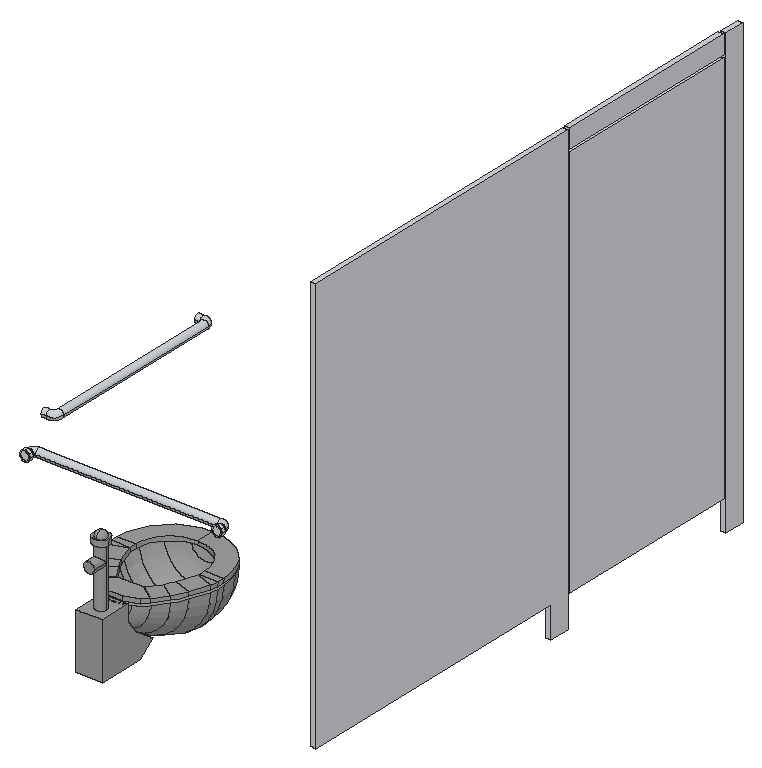
Revit family "PFX_A3-Commercial-HC-Toilet-stall-LEFT-3D", category Plumbing Fixtures, host Wall, Revit 2016
Family settings
  Host = Wall
  Part Type = Undefined
  Round Connector Dimension = Use Diameter
  Always vertical = Yes
  Cut with Voids When Loaded = No
  Shared = No
  Room Calculation Point = No
Parameters (values of type "Toilet Stall Left 15" Seat Height")
  Mounting Height = 1' - 3"
  Stall Length = 8' - 4"
  Stall Width = 5' - 0"
Types (2): name | Mounting Height
  Toilet Stall Left 15" Seat Height | 1' - 3"
  Toilet Stall Left 19" Seat Height | 1' - 7"
Reference planes (in)
  plane 1: y = 3
  plane 2: x = 15.94107
  plane 3: y = 3
  plane 4: y = 32
  plane 5: z = 13.5
  plane 6: y = 22
  plane 7: y = 12
  plane 8: z = 15
  plane 9: z = 25.5
  plane 10: y = 5.77698
  plane 11: x = -2.05893
  plane 12: x = 3.94107
  plane 13: y = 15
  plane 14: x = 57.94107
  plane 15: y = 103
  plane 16: y = 98.5
Forms (in)
  Extrusion 1, solid
    sketch origin (15.94107, 0, 0) x (0, -1, 0) y (0, 0, 1)
      loop
        line (-3, 13.5) -> (-9.0159, 13.5) -> (-9.0159, 10.60222) -> (-10.73663, 8.14477) -> (-14.83239, 5.27688) -> (-11.6632, 3) -> (-3, 3) -> (-3, 13.5)
    from -2.5 to 2.5
  Extrusion 2, solid
    sketch origin (13.44107, 3, 13.5) x (1, 0, 0) y (0, 1, 0)
      loop
        circle (2.5, 2.77698) r 1
    from 0 to 11
  Extrusion 3, solid
    sketch origin (0, 3, 0) x (1, 0, 0) y (0, 0, 1)
      loop
        circle (15.94107, 21.42564) r 1
    from 0 to -2.78125
  Extrusion 4, solid
    sketch origin (13.44107, 3, 24.5) x (1, 0, 0) y (0, 1, 0)
      loop
        circle (2.5, 2.77698) r 1.5
    from 0 to 1
  Revolve 5, solid
    sketch origin (15.94107, 0, 0) x (0, -1, 0) y (0, 0, 1)
      loop
        line (-6.78555, 25.5) -> (-5.77698, 25.5) -> (-5.77698, 26.50857)
        arc (-5.77698, 26.50857) -> (-6.49014, 26.21316) -> (-6.78555, 25.5) r 1.00857
      axis (-5.77698, 25.5) -> (-5.77698, 26.50857)
    angle from 0 to 360
  Revolve 6, solid
    sketch origin (0, 0, 13.5) x (1, 0, 0) y (0, 1, 0)
      loop
        line (15.94107, 32) -> (15.94107, 31)
        arc (15.94107, 31) -> (17.5039, 30.86327) -> (19.01925, 30.45723) r 9
        arc (19.01925, 30.45723) -> (20.77677, 29.59052) -> (22.30503, 28.36396) r 9
        arc (22.30503, 28.36396) -> (23.53159, 26.8357) -> (24.3983, 25.07818) r 9
        arc (24.3983, 25.07818) -> (24.80434, 23.56283) -> (24.94107, 22) r 9
        line (24.94107, 22) -> (24.94107, 20.70531)
        arc (24.94107, 20.70531) -> (24.89549, 20.18436) -> (24.76015, 19.67925) r 3
        line (24.76015, 19.67925) -> (23.48959, 16.18842)
        arc (23.48959, 16.18842) -> (22.91009, 14.87141) -> (22.16364, 13.6413) r 11
        line (22.16364, 13.6413) -> (20.67216, 11.51124)
        arc (20.67216, 11.51124) -> (19.68986, 10.52894) -> (18.43083, 9.94185) r 4
        line (18.43083, 9.94185) -> (15.94107, 9.27472) -> (15.94107, 8.23944) -> (19.04122, 9.07012)
        arc (19.04122, 9.07012) -> (20.30025, 9.65722) -> (21.28255, 10.63952) r 4
        line (21.28255, 10.63952) -> (23.05831, 13.17557)
        arc (23.05831, 13.17557) -> (23.80475, 14.40567) -> (24.38425, 15.72269) r 11
        line (24.38425, 15.72269) -> (25.69984, 19.33723)
        arc (25.69984, 19.33723) -> (25.8803, 20.01072) -> (25.94107, 20.70531) r 4
        line (25.94107, 20.70531) -> (25.94107, 22)
        arc (25.94107, 22) -> (25.78915, 23.73648) -> (25.338, 25.4202) r 10
        arc (25.338, 25.4202) -> (24.37498, 27.373) -> (23.01214, 29.07107) r 10
        arc (23.01214, 29.07107) -> (21.31407, 30.43391) -> (19.36127, 31.39693) r 10
        arc (19.36127, 31.39693) -> (17.67755, 31.84808) -> (15.94107, 32) r 10
      axis (15.94107, 8.23944) -> (15.94107, 32)
    angle from 0 to 180
  Sweep 7, solid
    path origin (0, 0, 13.5) x (1, 0, 0) y (0, 1, 0)
      loop
        line (21.28255, 10.63952) -> (23.05831, 13.17557)
        arc (23.05831, 13.17557) -> (23.80475, 14.40567) -> (24.38425, 15.72269) r 11
        line (24.38425, 15.72269) -> (25.69984, 19.33723)
        arc (25.69984, 19.33723) -> (25.8803, 20.01072) -> (25.94107, 20.70531) r 4
        line (25.94107, 20.70531) -> (25.94107, 22)
        arc (25.94107, 22) -> (23.01214, 29.07107) -> (15.94107, 32) r 10
        arc (15.94107, 32) -> (8.87, 29.07107) -> (5.94107, 22) r 10
        line (5.94107, 22) -> (5.94107, 20.70531)
        arc (5.94107, 20.70531) -> (6.00184, 20.01072) -> (6.1823, 19.33723) r 4
        line (6.1823, 19.33723) -> (7.49788, 15.72269)
        arc (7.49788, 15.72269) -> (8.07738, 14.40567) -> (8.82383, 13.17557) r 11
        line (8.82383, 13.17557) -> (10.59959, 10.63952)
    profile origin (0, 21.35265, 13.5) x (-1, 0, 0) y (0, 0, 1)
      loop
        line (-25.94107, 0.5) -> (-22.44107, 0.5) -> (-22.44107, 1.25) -> (-25.94107, 1.25) -> (-25.94107, 0.5)
  Extrusion 8, solid
    sketch origin (15.94107, 22, 14.75) x (1, 0, 0) y (0, 1, 0)
      loop
        line (-2.47445, -9.35296) -> (-5.34148, -11.36048) -> (-4.35918, -12.34278) -> (-1.7583, -13.28943) -> (1.7583, -13.28943) -> (4.35918, -12.34278) -> (5.34148, -11.36048) -> (2.47445, -9.35296) -> (-2.47445, -9.35296)
    from 0 to -0.75
  Sweep 9, solid
    path origin (0, 0, 0) x (1, 0, 0) y (0, 1, 0)
      loop
        line (3.94107, 3) -> (3.94107, 4)
        arc (3.94107, 4) -> (4.23396, 4.70711) -> (4.94107, 5) r 1
        line (4.94107, 5) -> (38.94107, 5)
        arc (38.94107, 5) -> (39.64818, 4.70711) -> (39.94107, 4) r 1
        line (39.94107, 4) -> (39.94107, 3)
    profile origin (0, 3.5, 0) x (-1, 0, 0) y (0, 0, 1)
      loop
        circle (-3.94107, 36) r 0.75
  Extrusion 10, solid
    sketch origin (-60, 3, 0) x (-1, 0, 0) y (0, 0, 1)
      loop
        circle (-63.94107, 36) r 1
      loop
        circle (-99.94803, 35.99601) r 1.00697
    from 0 to 0.5
  Sweep 11, solid
    path origin (0, 0, 0) x (1, 0, 0) y (0, 1, 0)
      loop
        line (-2.05893, 15) -> (-1.05893, 15)
        arc (-1.05893, 15) -> (-0.35182, 15.29289) -> (-0.05893, 16) r 1
        line (-0.05893, 16) -> (-0.05893, 50)
        arc (-0.05893, 50) -> (-0.35182, 50.70711) -> (-1.05893, 51) r 1
        line (-1.05893, 51) -> (-2.05893, 51)
    profile origin (-1.55893, 0, 0) x (0, 1, 0) y (0, 0, 1)
      loop
        circle (15.00279, 35.91837) r 0.75
  Extrusion 12, solid
    sketch origin (57.94107, 98.5, 80) x (0, 0, -1) y (0, -1, 0)
      loop
        line (80, -4.5) -> (80, -0.5) -> (-4, -0.5) -> (-4, -4.5) -> (80, -4.5)
      loop
        line (-4, 36.5) -> (80, 36.5) -> (80, 40.5) -> (74, 40.5) -> (74, 95.5) -> (-4, 95.5) -> (-4, 36.5)
      loop
        line (-4, 0) -> (-0.5, 0) -> (-0.5, 36) -> (-4, 36) -> (-4, 0)
      loop
        line (0, 0) -> (74, 0) -> (74, 36) -> (0, 36) -> (0, 0)
    from 0.5 to -0.5
Lines and regions (in)
  symbolic lines
    curve 1: arc (15.94107, 32, 0) -> (23.01214, 29.07107, 0) -> (25.94107, 22, 0) r 10
    curve 2: line (25.94107, 22, 0) -> (25.94107, 20.70531, 0)
    curve 3: line (25.69984, 19.33723, 0) -> (24.38425, 15.72269, 0)
    curve 4: line (23.05831, 13.17557, 0) -> (21.28255, 10.63952, 0)
    curve 5: line (19.04122, 9.07012, 0) -> (18.44107, 8.90931, 0)
    curve 6: arc (15.94107, 32, 0) -> (8.87, 29.07107, 0) -> (5.94107, 22, 0) r 10
    curve 7: line (5.94107, 22, 0) -> (5.94107, 20.70531, 0)
    curve 8: line (6.1823, 19.33723, 0) -> (7.49788, 15.72269, 0)
    curve 9: line (8.82383, 13.17557, 0) -> (10.59959, 10.63952, 0)
    curve 10: line (12.84092, 9.07012, 0) -> (13.44107, 8.90931, 0)
    curve 11: arc (12.84092, 9.07012, 0) -> (11.58189, 9.65722, 0) -> (10.59959, 10.63952, 0) r 4
    curve 12: arc (19.04122, 9.07012, 0) -> (20.30025, 9.65722, 0) -> (21.28255, 10.63952, 0) r 4
    curve 13: arc (5.94107, 20.70531, 0) -> (6.00184, 20.01072, 0) -> (6.1823, 19.33723, 0) r 4
    curve 14: arc (25.94107, 20.70531, 0) -> (25.8803, 20.01072, 0) -> (25.69984, 19.33723, 0) r 4
    curve 15: arc (24.38425, 15.72269, 0) -> (23.80475, 14.40567, 0) -> (23.05831, 13.17557, 0) r 11
    curve 16: arc (7.49788, 15.72269, 0) -> (8.07738, 14.40567, 0) -> (8.82383, 13.17557, 0) r 11
    curve 17: line (13.44107, 9.0159, 0) -> (18.44107, 9.0159, 0)
    curve 18: line (13.44107, 3, 0) -> (13.44107, 9.0159, 0)
    curve 19: line (18.44107, 3, 0) -> (13.44107, 3, 0)
    curve 20: line (18.44107, 9.0159, 0) -> (18.44107, 3, 0)
    curve 21: arc (17.44107, 5.77698, 0) -> (15.94107, 7.27698, 0) -> (14.44107, 5.77698, 0) r 1.5
    curve 22: arc (14.44107, 5.77698, 0) -> (15.94107, 4.27698, 0) -> (17.44107, 5.77698, 0) r 1.5
    curve 23: line (14.94107, 4.65895, 0) -> (14.94107, 3, 0)
    curve 24: line (16.94107, 4.65895, 0) -> (16.94107, 3, 0)
    curve 25: line (58.44107, 98.5, 0) -> (22.44107, 98.5, 0)
    curve 26: line (58.44107, 97.5, 0) -> (58.44107, 98.5, 0)
    curve 27: line (22.44107, 97.5, 0) -> (58.44107, 97.5, 0)
    curve 28: line (22.44107, 98.5, 0) -> (22.44107, 97.5, 0)
    curve 29: arc (22.44107, 98.5, 0) -> (32.98522, 73.04416, 0) -> (58.44107, 62.5, 0) r 36
    curve 30: line (57.44107, 62, 0) -> (58.44107, 62, 0)
    curve 31: line (57.44107, 3, 0) -> (57.44107, 62, 0)
    curve 32: line (58.44107, 3, 0) -> (57.44107, 3, 0)
    curve 33: line (58.44107, 62, 0) -> (58.44107, 3, 0)
    curve 34: line (57.44107, 103, 0) -> (58.44107, 103, 0)
    curve 35: line (57.44107, 99, 0) -> (57.44107, 103, 0)
    curve 36: line (58.44107, 99, 0) -> (57.44107, 99, 0)
    curve 37: line (58.44107, 103, 0) -> (58.44107, 99, 0)
  symbolic lines, not visible
    curve 38: line (58.44107, 98.5, 0) -> (22.44107, 98.5, 0)
    curve 39: line (58.44107, 97.5, 0) -> (58.44107, 98.5, 0)
    curve 40: line (22.44107, 97.5, 0) -> (58.44107, 97.5, 0)
    curve 41: line (22.44107, 98.5, 0) -> (22.44107, 97.5, 0)
    curve 42: arc (22.44107, 98.5, 0) -> (32.98522, 73.04416, 0) -> (58.44107, 62.5, 0) r 36
Text (in)
  text "Placement Side" at (0, 40.15149, 123.01588), in view "Right"
  text "Placement Side, matches cursor" at (-98.93974, 39.80477, 0), in view "Floor Line"
  text "Placement Side" at (0, 47.49176, 140.59947), in view "Left"
Dimensions and locks (in)
  locked: plane 3 to plane 6 at 19
  locked: plane 3 to plane 7 at 9
  "Mounting Height": plane 8 to level
  locked: plane 8 to plane 5 at 1.5
  locked: plane 8 to plane 9 at 10.5
  locked: plane 3 to plane 10 at 2.77698
  plane 13 to plane 3 = 1' - 0"
  plane 11 to plane 12 = 0' - 6"
  "Stall Width": plane 11 to plane 14
  "Stall Length": plane 15 to plane 3
  locked: plane 16 to plane 15 at 4.5
  aligned and locked: plane 3 to host wall
  aligned and locked: plane 16 to curve 25
Automatic sketch dimensions
  Extrusion 1 sketch curve to plane 5 = 0' - 0"
  Extrusion 1 sketch curve to plane 3 = 0' - 0"
  plane 7 to Extrusion 1 sketch curve = 0' - 2.9841"
  plane 7 to Extrusion 1 sketch curve = 0' - 1.26337"
  plane 7 to Extrusion 1 sketch curve = 0' - 0.3368"
  Extrusion 1 sketch curve to plane 7 = 0' - 2.83239"
  plane 5 to Extrusion 1 sketch curve = 0' - 2.89778"
  Extrusion 1 sketch curve to Extrusion 1 sketch curve = 0' - 2.45746"
  Extrusion 1 sketch curve to Extrusion 1 sketch curve = 0' - 2.86788"
  level to Extrusion 1 sketch curve = 0' - 3"
  Extrusion 2 sketch curve to plane 2 = 0' - 0"
  Extrusion 2 sketch curve to Extrusion 2 sketch curve = 0' - 1"
  Extrusion 2 sketch curve to plane 3 = 0' - 2.77698"
  Extrusion 3 sketch curve to plane 2 = 0' - 0"
  plane 2 to Extrusion 3 sketch curve = 0' - 1"
  Extrusion 3 sketch curve to plane 5 = 0' - 7.92564"
  Extrusion 4 sketch curve to plane 2 = 0' - 0"
  Extrusion 4 sketch curve to Extrusion 4 sketch curve = 0' - 1 1/2"
  Extrusion 4 sketch curve to plane 3 = 0' - 2.77698"
  Revolve 5 sketch curve to plane 9 = 0' - 0"
  Revolve 5 sketch curve to plane 10 = 0' - 0"  (x2)
  Revolve 5 sketch curve to Revolve 5 sketch curve = 0' - 1.00857"
  Revolve 5 sketch curve to Revolve 5 sketch curve = 0' - 1.53583"
  Revolve 5 sketch curve to Revolve 5 sketch curve = 0' - 1"
  Revolve 6 sketch curve to plane 2 = 0' - 0"  (x9)
  Revolve 6 sketch curve to plane 6 = 0' - 0"  (x8)
  plane 2 to Revolve 6 sketch curve = 0' - 1.89343"
  Revolve 6 sketch curve to plane 2 = 0' - 1.45448"
  Revolve 6 sketch curve to Revolve 6 sketch curve = 0' - 0.61039"  (x3)
  Revolve 6 sketch curve to plane 2 = 0' - 2.48976"
  Revolve 6 sketch curve to Revolve 6 sketch curve = 0' - 0.34202"  (x2)
  plane 7 to Revolve 6 sketch curve = 0' - 0.48876"
  Revolve 6 sketch curve to Revolve 6 sketch curve = 0' - 2.24133"
  plane 7 to Revolve 6 sketch curve = 0' - 1.36048"
  plane 6 to Revolve 6 sketch curve = 0' - 1.29469"
  Revolve 6 sketch curve to Revolve 6 sketch curve = 0' - 4"
  Revolve 6 sketch curve to Revolve 6 sketch curve = 0' - 0"
  Revolve 6 sketch curve to Revolve 6 sketch curve = 0' - 1.49148"
  Revolve 6 sketch curve to Revolve 6 sketch curve = 0' - 0.70711"
  Revolve 6 sketch curve to plane 7 = 0' - 1.17557"
  Revolve 6 sketch curve to Revolve 6 sketch curve = 0' - 0.89466"  (x3)
  Revolve 6 sketch curve to plane 7 = 0' - 4.18842"
  Revolve 6 sketch curve to Revolve 6 sketch curve = 0' - 1.32595"
  Revolve 6 sketch curve to Revolve 6 sketch curve = 0' - 0.93969"  (x2)
  Revolve 6 sketch curve to Revolve 6 sketch curve = 0' - 0.18092"
  Revolve 6 sketch curve to Revolve 6 sketch curve = 0' - 1.5694"
  Revolve 6 sketch curve to Revolve 6 sketch curve = 0' - 0.66713"
  Revolve 6 sketch curve to Revolve 6 sketch curve = 0' - 0.87172"
  Revolve 6 sketch curve to Revolve 6 sketch curve = 0' - 1.03528"
  Revolve 6 sketch curve to Revolve 6 sketch curve = 0' - 3.07818"
  Revolve 6 sketch curve to Revolve 6 sketch curve = 0' - 2.09327"
  Revolve 6 sketch curve to Revolve 6 sketch curve = 0' - 4.14214"
  Revolve 6 sketch curve to Revolve 6 sketch curve = 0' - 4.02829"
  Revolve 6 sketch curve to Revolve 6 sketch curve = 0' - 1.54852"
  plane 6 to Revolve 6 sketch curve = 0' - 6.27731"
  Revolve 6 sketch curve to Revolve 6 sketch curve = 0' - 3.28578"
  Revolve 6 sketch curve to Revolve 6 sketch curve = 0' - 1.18092"
  Revolve 6 sketch curve to Revolve 6 sketch curve = 0' - 0.46573"
  Sweep 7 sketch curve to plane 6 = 0' - 0"  (x2)
  Sweep 7 sketch curve to plane 2 = 0' - 0"
  plane 2 to Sweep 7 sketch curve = 0' - 1.89343"
  plane 6 to Sweep 7 sketch curve = 0' - 1.29469"  (x2)
  Sweep 7 sketch curve to Sweep 7 sketch curve = 0' - 4.10657"
  Sweep 7 sketch curve to plane 7 = 0' - 1.17557"  (x2)
  Sweep 7 sketch curve to Sweep 7 sketch curve = 0' - 1.77576"  (x2)
  Sweep 7 sketch curve to Sweep 7 sketch curve = 0' - 1.32595"  (x2)
  plane 6 to Sweep 7 sketch curve = 0' - 2.66277"
  Sweep 7 sketch curve to Sweep 7 sketch curve = 0' - 1.31559"
  Sweep 7 sketch curve to plane 2 = 0' - 1.89343"
  Sweep 7 sketch curve to Sweep 7 sketch curve = 0' - 4"
  Sweep 7 sketch curve to Sweep 7 sketch curve = 0' - 0.24123"
  Sweep 7 sketch curve to Sweep 7 sketch curve = 0' - 2.54712"  (x2)
  plane 2 to Sweep 7 sketch curve = 0' - 7.11724"
  plane 7 to Sweep 7 sketch curve = 0' - 1.36048"  (x2)
  Sweep 7 sketch curve to plane 2 = 0' - 5.34148"
  Sweep 7 sketch curve to profile plane = 0' - 0"
  Sweep 7 sketch curve to plane 5 = 0' - 1 1/4"
  Sweep 7 sketch curve to profile plane = 0' - 3 1/2"
  Sweep 7 sketch curve to plane 5 = 0' - 0 1/2"
  plane 7 to Extrusion 8 sketch curve = 0' - 1.36048"  (x2)
  plane 2 to Extrusion 8 sketch curve = 0' - 5.34148"
  Extrusion 8 sketch curve to Extrusion 8 sketch curve = 0' - 0.9823"  (x4)
  Extrusion 8 sketch curve to plane 7 = 0' - 0.64704"
  plane 2 to Extrusion 8 sketch curve = 0' - 2.47445"
  plane 2 to Extrusion 8 sketch curve = 0' - 1.7583"
  Extrusion 8 sketch curve to plane 2 = 0' - 1.7583"
  Extrusion 8 sketch curve to plane 2 = 0' - 2.47445"
  Extrusion 8 sketch curve to Extrusion 8 sketch curve = 0' - 2.60088"
  Extrusion 8 sketch curve to Extrusion 8 sketch curve = 0' - 0.94664"
  Sweep 9 sketch curve to plane 12 = 0' - 0"
  Sweep 9 sketch curve to plane 3 = 0' - 0"  (x2)
  Sweep 9 sketch curve to plane 12 = 0' - 1"
  Sweep 9 sketch curve to plane 3 = 0' - 2"
  Sweep 9 sketch curve to plane 2 = 1' - 11"
  Sweep 9 sketch curve to plane 3 = 0' - 1"
  Sweep 9 sketch curve to profile plane = 0' - 0"
  profile plane to Sweep 9 sketch curve = 0' - 0 3/4"
  level to Sweep 9 sketch curve = 3' - 0"
  Extrusion 10 sketch curve to plane 12 = 0' - 0"
  Extrusion 10 sketch curve to Extrusion 10 sketch curve = 0' - 1"
  Extrusion 10 sketch curve to plane 2 = 1' - 11"
  Extrusion 10 sketch curve to Extrusion 10 sketch curve = 0' - 1.00697"
  plane 8 to Extrusion 10 sketch curve = 1' - 8.99601"
  Extrusion 10 sketch curve to Extrusion 10 sketch curve = 0' - 0.00399"
  profile plane to Sweep 11 sketch curve = 0' - 0.74721"
  Sweep 11 sketch curve to profile plane = 0' - 0.00279"
  level to Sweep 11 sketch curve = 2' - 11.91837"
  Sweep 11 sketch curve to plane 11 = 0' - 0"  (x2)
  Sweep 11 sketch curve to Sweep 11 sketch curve = 0' - 1"  (x2)
  plane 11 to Sweep 11 sketch curve = 0' - 1"
  Sweep 11 sketch curve to plane 7 = 0' - 3"
  Sweep 11 sketch curve to Sweep 11 sketch curve = 2' - 10"
  Extrusion 12 sketch curve to host wall = 0' - 0"
  Extrusion 12 sketch curve to level = 0' - 0"  (x2)
  level to Extrusion 12 sketch curve = 0' - 6"
  Extrusion 12 sketch curve to Extrusion 12 sketch curve = 0' - 0"  (x4)
  Extrusion 12 sketch curve to plane 4 = 2' - 6 1/2"
  Extrusion 12 sketch curve to Extrusion 12 sketch curve = 6' - 2"
  Extrusion 12 sketch curve to Extrusion 12 sketch curve = 0' - 0 1/2"  (x3)
  Extrusion 12 sketch curve to Extrusion 12 sketch curve = 0' - 3 1/2"  (x2)
  Extrusion 12 sketch curve to Extrusion 12 sketch curve = 0' - 4"
  Extrusion 12 sketch curve to Extrusion 12 sketch curve = 0' - 4 1/2"
  curve 7 to plane 6 = 0' - 0"
  curve 18 to host wall = 0' - 0"
  curve 6 to plane 2 = 0' - 0"
  curve 21 to plane 2 = 0' - 0"
  curve 2 to plane 6 = 0' - 0"
  curve 31 to host wall = 0' - 0"
  curve 6 to plane 4 = 0' - 0"
  plane 6 to curve 8 = 0' - 2.66277"
  curve 7 to curve 8 = 0' - 0.24123"
  plane 13 to curve 8 = 0' - 0.72269"
  curve 8 to plane 12 = 0' - 3.55681"
  curve 16 to plane 7 = 0' - 1.17557"
  curve 16 to curve 16 = 0' - 1.32595"
  plane 6 to curve 13 = 0' - 1.29469"
  plane 7 to curve 11 = 0' - 1.36048"
  curve 9 to curve 11 = 0' - 1.77576"
  curve 11 to curve 10 = 0' - 2.24133"
  plane 2 to curve 18 = 0' - 2 1/2"
  plane 2 to curve 11 = 0' - 2.06487"
  plane 2 to curve 15 = 0' - 1.89343"
  curve 21 to curve 21 = 0' - 1 1/2"
  plane 2 to curve 23 = 0' - 1"
  curve 24 to plane 2 = 0' - 1"
  curve 16 to plane 2 = 0' - 1.89343"
  curve 12 to plane 7 = 0' - 0.93383"
  curve 12 to plane 2 = 0' - 2.06487"
  curve 5 to plane 2 = 0' - 2 1/2"
  curve 17 to curve 12 = 0' - 0.60015"
  plane 7 to curve 4 = 0' - 1.36048"
  curve 12 to curve 4 = 0' - 2.24133"
  plane 6 to curve 14 = 0' - 1.29469"
  curve 14 to curve 2 = 0' - 4"
  curve 25 to plane 2 = 0' - 6 1/2"
  curve 4 to plane 7 = 0' - 1.17557"
  curve 4 to curve 4 = 0' - 1.77576"
  plane 13 to curve 15 = 0' - 0.72269"
  curve 4 to curve 15 = 0' - 1.32595"
  curve 3 to host wall = 1' - 7.33723"
  plane 14 to curve 36 = 0' - 0 1/2"
  plane 14 to curve 30 = 0' - 0 1/2"
  curve 29 to plane 14 = 0' - 0 1/2"
  curve 30 to plane 14 = 0' - 0 1/2"
  curve 25 to curve 29 = 0' - 0"
  curve 34 to plane 14 = 0' - 0 1/2"
  curve 24 to curve 24 = 0' - 1.65895"
  plane 7 to curve 10 = 0' - 3.09069"
  curve 5 to curve 5 = 0' - 0.16081"
  curve 10 to curve 18 = 0' - 0.10658"
  curve 17 to curve 10 = 0' - 0.05422"
  curve 30 to curve 29 = 0' - 0 1/2"
  curve 27 to curve 25 = 0' - 1"
  curve 29 to curve 36 = 0' - 0 1/2"
  curve 35 to curve 35 = 0' - 4"
  Extrusion 12 sketch curve to plane 15 = 0' - 0"
